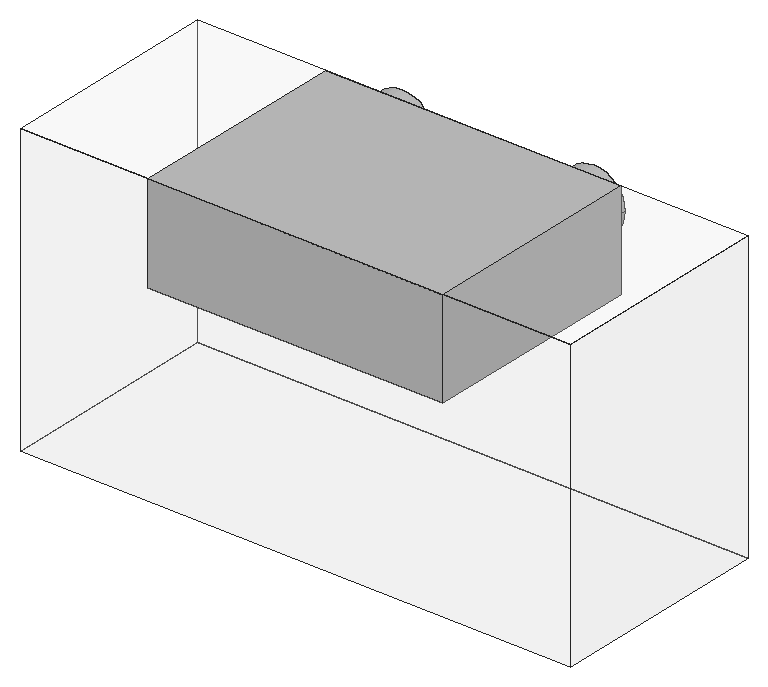
Revit family "sku-40_50exc-b_60Hz", category 機械設備, Revit 2019
Family settings
  丸型コネクタ寸法 = 直径を使用
  パーツ タイプ = 標準
  OmniClass 番号 = 23.75.10.34.21
  OmniClass タイトル = Heat Exchangers for Ventilation Air
  作業面ベース = いいえ
  常に垂直 = はい
  ロード時にボイドで切り取り = いいえ
  共有 = いいえ
  部屋計算ポイント = はい
Parameters (values of type "SKU-40EXC-B")
  騒音レベル(dB(A)) = 39
  風量 = 400.0 m³/h
  面風速 = 3.54 m/s
  電源種別 [instance] = "一般"
  電圧 = 100 V
  電動機出力 = 0 W
  集中コントローラ = ""
  運転質量 = 0.00 kg
  連動 [instance] = ""
  質量 = if(製品質量 > 運転質量, 製品質量, 運転質量) * 1.2  # 34.80 kg
  負荷分類 = 3_ファン類
  説明 = "店舗用ロスナイ 天吊露出形"
  設計風量 = 0.0 m³/h
  設置方法 = "天吊露出形"
  記号 [instance] = ""
  製造元 = "三菱電機株式会社"
  製品質量 = 29.00 kg
  製品出荷対象 = "国内"
  製品リリース年月 = "2021/4/1"
  製品グループ = ""
  系統 [instance] = ""
  符号 = "HEU"
  積算_科目 = "1 空気調和設備"
  積算_拾い区分 [instance] = ""
  相 = 1
  盤記号 [instance] = ""
  発停方法 [instance] = "別売リモコン"
  特殊仕様 [instance] = ""
  火災停止 [instance] = ""
  温度交換効率 = 60.00%
  消費電力 = 159 W
  法定耐用年数 = "15"
  機外静圧_排気 = 40.0 Pa
  機外静圧 = 40.0 Pa
  極数 = 2
  材質 [instance] = ""
  本体マテリアル = none
  操作・制御方式 = ""
  操作・制御スイッチ = ""
  排気量 = 0.0 m³/h
  形式 = "天吊露出形"
  幹線記号 [instance] = ""
  対象室 [instance] = ""
  実風量 = 0.0 m³/h
  始動方式 [instance] = "直入"
  外気量 = 0.0 m³/h
  呼称 = "全熱交換ユニット"
  周波数 = 60 Hz
  天吊金具ピッチ2 = 495 mm
  天吊金具ピッチ1 = 845 mm
  天吊金具_D = 68 mm
  参照している仕様書等のバージョン = ""
  初期抵抗 = 0.0 Pa
  分類コード = "50052504100060"
  分類グループ = ""
  価格 = 356000
  企業コード = "108420"
  付属品_フィルター_還気 = ""
  付属品_フィルター = ""
  付属品 [instance] = ""
  仕様書バージョン = "Version1.0"
  モデル = "SKU-40EXC-B"
  メンテナンススペース = yes
  コメント [instance] = ""
  Keynote = ""
  エンタルピ交換効率_暖房 = 45.00%
  エンタルピ交換効率_冷房 = 40.00%
  Assembly Code = ""
  Width = 922 mm
  Version = ""
  Uniclass2015Version = "Systems v1.9"
  Uniclass2015Title = "Thermal wheels"
  Uniclass2015Code = "Pr_60_60_36_88"
  URL = "https://www.mitsubishielectric.co.jp/ldg/wink/ssl/displayProduct.do?pid=311789"
  SpecificationReference = ""
  SpecificationDescription = ""
  MID風量 = 200.0 m³/h
  MID静圧 = 10.0 Pa
  Duct_W = 150 mm
  SAサイズ_D = 0 mm
  Revision = ""
  RAサイズ_D = 0 mm
  ProductInformation = ""
  OmniClassCode = "23-27 23 19 11"
  OAサイズ_W = 0 mm
  OAサイズ_D = 192 mm
  MIN風量 = 155.0 m³/h
  MIN静圧 = 6.0 Pa
  MAX風量 = 400.0 m³/h
  MAX静圧 = 40.0 Pa
  IfcTypeProduct = ""
  IfcProduct = ""
  IfcExportType = "ROTARYWHEEL"
  IfcExportAs = "IfcAirToAirHeatRecoveryType"
  Height = 304 mm
  EAサイズ_W = 0 mm
  EAサイズ_D = 192 mm
  Duct_Pitch = 600 mm
  Duct_Height = 127.5 mm
  Duct_Depth = 85 mm
  Depth = 693 mm
  Clearance Top = 0 mm
  Clearance Left = 400 mm
  Clearance Right = 400 mm
  Clearance Bottom = 600 mm
  Author = "三菱電機株式会社"
Types (2, lengths in mm): name | 騒音レベル(dB(A)) | 風量 | 面風速 | 質量 | 製品質量 | 温度交換効率 | 消費電力 | 機外静圧_排気 | 機外静圧 | 天吊金具ピッチ2 | 価格 | モデル | エンタルピ交換効率_暖房 | エンタルピ交換効率_冷房 | URL | MID風量 | MID静圧 | MIN静圧 | MAX風量 | MAX静圧 | Height | Duct_Height | Depth
  SKU-40EXC-B | 39 | 400.0 m³/h | 3.54 m/s | 34.80 kg | 29.00 kg | 60.00% | 159 W | 40.0 Pa | 40.0 Pa | 495 | 356000 | "SKU-40EXC-B" | 45.00% | 40.00% | "https://www.mitsubishielectric.co.jp/ldg/wink/ssl/displayProduct.do?pid=311789" | 200.0 m³/h | 10.0 Pa | 6.0 Pa | 400.0 m³/h | 40.0 Pa | 304 | 127.5 | 693
  SKU-50EXC-B | 39.5 | 500.0 m³/h | 4.42 m/s | 45.60 kg | 38.00 kg | 74.00% | 227 W | 60.0 Pa | 60.0 Pa | 710 | 422000 | "SKU-50EXC-B" | 62.00% | 58.00% | "https://www.mitsubishielectric.co.jp/ldg/wink/ssl/displayProduct.do?pid=311790" | 300.0 m³/h | 22.0 Pa | 5.8 Pa | 500.0 m³/h | 60.0 Pa | 338 | 135 | 900
Reference planes
  plane 1 "中心(正面/背面)": y = 0
  plane 2: z = 0
  plane 3 "中心(左/右)": x = 0
  plane 4: x = -461
  plane 5: x = 461
  plane 6: y = 346.5
  plane 7: y = -346.5
  plane 8: z = -304
  plane 9: z = -127.5
  plane 10: x = -289
  plane 11: x = 311
  plane 12: x = -861
  plane 13: x = -422.5
  plane 14: x = 422.5
  plane 15: y = 278.5
  plane 16: y = -216.5
  plane 17: x = -390.5
  plane 18: x = 390.5
  plane 19: y = 431.5
  plane 20: x = 861
  plane 21: z = 0
  plane 22: z = -904
Forms (mm)
  Extrusion 1, solid, material <- "本体マテリアル", detail levels fine
    sketch origin (0, 0, 0) x (1, 0, 0) y (0, 1, 0)
      loop
        line (-461, 346.5) -> (-461, -346.5) -> (461, -346.5) -> (461, 346.5) -> (-461, 346.5)
    from 0 to -304
  Extrusion 2, solid, material <- "本体マテリアル", detail levels fine
    sketch origin (510, -445, 0) x (-1, 0, 0) y (0, 0, -1)
      loop
        circle (199, 127.5) r 96
    from -791.5 to -876.5
  Extrusion 3, solid, material <- "本体マテリアル", detail levels fine
    sketch origin (-510, -445, 0) x (1, 0, 0) y (0, 0, 1)
      loop
        circle (221, -127.5) r 96
    from -791.5 to -876.5
Lines and regions (mm)
  Masking region 1, detail levels coarse+medium
    outline origin (1326.5, 29, 0) x (1, 0, 0) y (0, 1, 0)
      loop
        line (-1787.5, 317.5) -> (-1787.5, -375.5) -> (-865.5, -375.5) -> (-865.5, 317.5) -> (-1787.5, 317.5)
  symbolic lines, detail levels coarse+medium
    curve 1: line (0, 346.5, 0) -> (-461, 0, 0)
    curve 2: line (-461, 0, 0) -> (0, -346.5, 0)
    curve 3: line (0, -346.5, 0) -> (461, 0, 0)
    curve 4: line (461, 0, 0) -> (0, 346.5, 0)
Dimensions and locks
  equal spacing: plane 4, plane 3 "中心(左/右)", plane 5
  "Width": plane 4 to plane 5
  equal spacing: plane 6, plane 1 "中心(正面/背面)", plane 7
  "Depth": plane 6 to plane 7
  "Height": level to plane 8
  "Duct_Height": level to plane 9
  "Duct_Pitch": plane 11 to plane 10
  "Clearance Left": plane 12 to plane 4
  equal spacing: plane 13, plane 3 "中心(左/右)", plane 14
  "天吊金具ピッチ1": plane 13 to plane 14
  "天吊金具ピッチ2": plane 15 to plane 16
  "Duct_W": plane 5 to plane 11
  "天吊金具_D": plane 6 to plane 15
  "Clearance Right": plane 5 to plane 20
  "Clearance Top": level to plane 21
  "Duct_Depth": plane 6 to plane 19
  "Clearance Bottom": plane 8 to plane 22
  "OAサイズ_D": diameter of Extrusion 2 sketch curve
  "EAサイズ_D": diameter of Extrusion 3 sketch curve
  aligned and locked: level to plane 2
  aligned and locked: Extrusion 1 to plane 8
  aligned and locked: Masking region 1 to plane 4
  aligned and locked: plane 5 to Masking region 1
  aligned and locked: plane 6 to Masking region 1
  aligned and locked: Masking region 1 to plane 7
  aligned and locked: plane 14 to nested 1
  aligned and locked: plane 13 to nested 1
  aligned and locked: nested 1 to plane 16
  aligned and locked: plane 15 to nested 1
  aligned and locked: Extrusion 3 to plane 19
  aligned and locked: Extrusion 3 to plane 6
  aligned and locked: Extrusion 2 to Extrusion 3
  aligned and locked: Extrusion 2 to plane 6
  aligned and locked: plane 20 to nested 2
  aligned and locked: plane 12 to nested 2
  aligned and locked: nested 2 to plane 6
  aligned and locked: nested 2 to plane 7
  aligned and locked: nested 2 to plane 22
  aligned and locked: plane 21 to nested 2
Automatic sketch dimensions
  plane 1 "中心(正面/背面)" to curve 1 = 0 mm
  curve 1 to plane 4 = 0 mm
  curve 2 to plane 3 "中心(左/右)" = 0 mm
  curve 4 to plane 3 "中心(左/右)" = 0 mm
  plane 1 "中心(正面/背面)" to curve 4 = 0 mm
  curve 4 to plane 5 = 0 mm
  curve 2 to plane 7 = 0 mm
  curve 4 to plane 6 = 0 mm
  Extrusion 1 sketch curve to plane 4 = 0 mm
  Extrusion 1 sketch curve to plane 5 = 0 mm
  Extrusion 1 sketch curve to plane 7 = 0 mm
  Extrusion 1 sketch curve to plane 6 = 0 mm
  Extrusion 2 sketch curve to plane 9 = 0 mm
  Extrusion 2 sketch curve to plane 11 = 0 mm
  Masking region 1 sketch curve to plane 4 = 0 mm
  Masking region 1 sketch curve to plane 5 = 0 mm
  Masking region 1 sketch curve to plane 7 = 0 mm
  Masking region 1 sketch curve to plane 6 = 0 mm
  Extrusion 3 sketch curve to plane 9 = 0 mm
  Extrusion 3 sketch curve to plane 10 = 0 mm
Nested families
  nested 1: "固定点" at (-422.5, -216.5, 0), type "固定点"
    with W 845 mm, D 495 mm
  nested 2: "メンテナンススペース" at (0, 0, -452), visible <- "メンテナンススペース", type "メンテナンススペース"
    with Width 1722 mm, Height 904 mm, Depth 693 mm
Connectors
  hvac at (311, 431.5, -127.5), driven by "OAサイズ_D", driven by "機外静圧", driven by "風量"
    settings: on Extrusion 2, index 2, duct flow 400.0 m³/h, flow factor 0, pres drop 40.0 Pa, loss coef 0, conn angle 0.00°, conn width 304.8 mm, conn height 304.8 mm, conn diameter 192 mm, duct sys type 4, conn prof type 0, flow config 0, flow direction 1, loss method 4, conn ref index -1, conn util no, is conn primary yes, conn desc ""
  hvac at (-289, 431.5, -127.5), driven by "EAサイズ_D", driven by "風量", driven by "機外静圧"
    settings: on Extrusion 3, index 10, duct flow 400.0 m³/h, flow factor 0, pres drop 40.0 Pa, loss coef 0, conn angle 0.00°, conn width 304.8 mm, conn height 304.8 mm, conn diameter 192 mm, duct sys type 3, conn prof type 0, flow config 0, flow direction 2, loss method 4, conn ref index -1, conn util no, is conn primary no, conn desc ""
  electrical at (0, 0, -304), driven by "極数", driven by "負荷分類", driven by "電圧", driven by "消費電力"
    settings: on Extrusion 1, index 12, voltage 100 V, apparent load 159 VA, apparent load phase1 0 VA, apparent load phase2 0 VA, apparent load phase3 0 VA, power factor 1, load classification "3_ファン類", number of poles 2, system type 30, power factor state 1, is connector primary yes, connector utility no, sub classification motor no, connector description ""
Definition of nested family "メンテナンススペース"
  Parameters (values of type "メンテナンススペース")
    Width [instance] = 500 mm
    Height [instance] = 500 mm
    Depth [instance] = 500 mm
  Reference planes
    plane 1 "中心(正面/背面)": y = 0
    plane 2: z = 0
    plane 3 "中心(左/右)": x = 0
    plane 4: y = -250
    plane 5: x = 250
    plane 6: y = 250
    plane 7: x = -250
    plane 8: z = 250
    plane 9: z = -250
  Forms (mm)
    Extrusion 1, solid
      sketch origin (-638.939, 0, 72.39) x (1, 0, 0) y (0, 1, 0)
        loop
          line (388.939, 250) -> (388.939, -250) -> (888.939, -250) -> (888.939, 250) -> (388.939, 250)
      from -322.39 to 177.61
  Lines and regions (mm)
    symbolic lines
      curve 1: line (-250, 0, 250) -> (250, 0, 250)
      curve 2: line (-250, 0, -250) -> (-250, 0, 250)
      curve 3: line (250, 0, -250) -> (-250, 0, -250)
      curve 4: line (250, 0, 250) -> (250, 0, -250)
      curve 5: line (0, -250, 250) -> (0, 250, 250)
      curve 6: line (0, -250, -250) -> (0, -250, 250)
      curve 7: line (0, 250, -250) -> (0, -250, -250)
      curve 8: line (0, 250, 250) -> (0, 250, -250)
      curve 9: line (-250, 250, 0) -> (250, 250, 0)
      curve 10: line (-250, -250, 0) -> (-250, 250, 0)
      curve 11: line (250, -250, 0) -> (-250, -250, 0)
      curve 12: line (250, 250, 0) -> (250, -250, 0)
  Dimensions and locks
    equal spacing: plane 7, plane 3 "中心(左/右)", plane 5
    equal spacing: plane 4, plane 1 "中心(正面/背面)", plane 6
    "Depth": plane 4 to plane 6
    "Width": plane 7 to plane 5
    equal spacing: plane 8, plane 2, plane 9
    "Height": plane 8 to plane 9
    aligned and locked: plane 9 to curve 3
    aligned and locked: plane 7 to curve 2
    aligned and locked: curve 4 to plane 5
    aligned and locked: plane 5 to Extrusion 1
    aligned and locked: Extrusion 1 to plane 7
    aligned and locked: Extrusion 1 to plane 9
    aligned and locked: plane 8 to Extrusion 1
    aligned and locked: plane 9 to curve 7
  Automatic sketch dimensions
    plane 4 to Extrusion 1 sketch curve = 0 mm
    Extrusion 1 sketch curve to plane 7 = 0 mm
    Extrusion 1 sketch curve to plane 5 = 0 mm
    plane 6 to Extrusion 1 sketch curve = 0 mm
    curve 2 to plane 8 = 0 mm
    plane 4 to curve 11 = 0 mm
    curve 11 to plane 7 = 0 mm
    curve 11 to plane 5 = 0 mm
    plane 6 to curve 10 = 0 mm
    curve 7 to plane 4 = 0 mm
    curve 7 to plane 6 = 0 mm
    curve 6 to plane 8 = 0 mm
Definition of nested family "固定点"
  Parameters (values of type "固定点")
    中心円 = 20 mm
    W [instance] = 1000 mm
    D [instance] = 1000 mm
  Reference planes
    plane 1 "中心(正面/背面)": y = 0
    plane 2: z = 0
    plane 3 "中心(左/右)": x = 0
    plane 4: x = 1000
    plane 5: y = 1000
  Lines and regions (mm)
    symbolic lines, detail levels fine
      curve 1: circle (0, 1000, 0) r 10 normal (0, 0, 1)
      curve 2: circle (0, 0, 0) r 10 normal (0, 0, 1)
      curve 3: circle (1000, 1000, 0) r 10 normal (0, 0, 1)
      curve 4: circle (1000, 0, 0) r 10 normal (0, 0, 1)
      curve 5: line (-200, 1000, 0) -> (1200, 1000, 0)
      curve 6: line (-200, 0, 0) -> (1200, 0, 0)
      curve 7: line (0, 1200, 0) -> (0, -200, 0)
      curve 8: line (1000, 1200, 0) -> (1000, -200, 0)
  Dimensions and locks
    "W": plane 3 "中心(左/右)" to plane 4
    "D": plane 1 "中心(正面/背面)" to plane 5
    "中心円": diameter of curve 1
    "中心円": diameter of curve 2
    "中心円": diameter of curve 3
    "中心円": diameter of curve 4
    aligned and locked: level to plane 2
    aligned and locked: plane 5 to curve 1
    aligned and locked: plane 3 "中心(左/右)" to curve 1
    aligned and locked: plane 3 "中心(左/右)" to curve 2
    aligned and locked: plane 1 "中心(正面/背面)" to curve 2
    aligned and locked: plane 4 to curve 3
    aligned and locked: plane 5 to curve 3
    aligned and locked: plane 1 "中心(正面/背面)" to curve 4
    aligned and locked: plane 4 to curve 4
    aligned and locked: plane 1 "中心(正面/背面)" to curve 6
    aligned and locked: curve 7 to plane 3 "中心(左/右)"
    aligned and locked: curve 8 to plane 4
  Automatic sketch dimensions
    curve 5 to plane 5 = 0 mm
    curve 6 to plane 3 "中心(左/右)" = 200 mm
    curve 5 to plane 3 "中心(左/右)" = 200 mm
    curve 4 to curve 6 = 200 mm
    curve 3 to curve 5 = 200 mm
    plane 1 "中心(正面/背面)" to curve 8 = 200 mm
    plane 1 "中心(正面/背面)" to curve 7 = 200 mm
    curve 3 to curve 8 = 200 mm
    curve 1 to curve 7 = 200 mm
